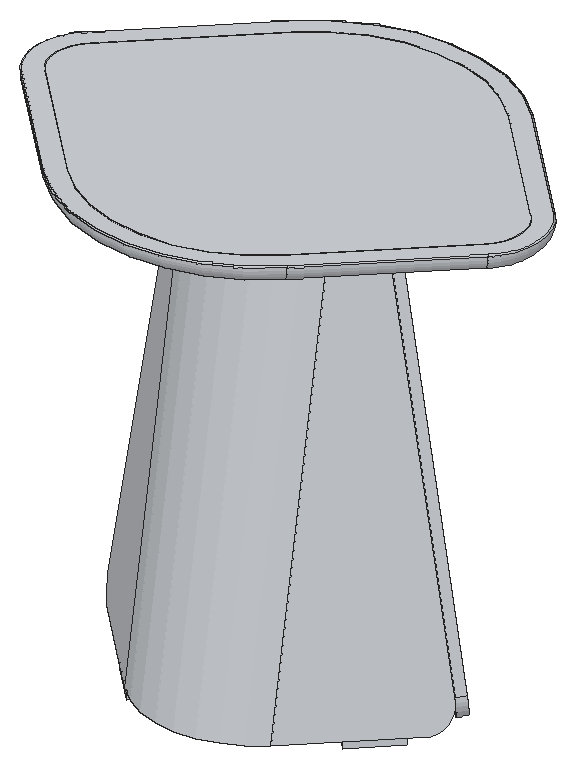
Revit family "Keilhauer-Fold-Table-Side+", category Furniture, Revit 2020
Family settings
  OmniClass Number = 23.40.20.00
  OmniClass Title = General Furniture and Specialties
  Work Plane-Based = No
  Always vertical = Yes
  Cut with Voids When Loaded = No
  Shared = No
  Room Calculation Point = No
Parameters (values of type "94511")
  Width = 20"  # constant formula
  URL = "https://keilhauer.com/"
  Type Comments = "Fold"  # constant formula
  Salvage or Reuse = yes
  Product Documentation Link = "https://keilhauer.com/product-family/fold/"
  Percentage of Recycled Content = 0
  Model = "94511"
  Manufacturer = "Keilhauer"  # constant formula
  Low Emitting Material = yes
  Low Emitting Finish = yes
  Revit File Built By = "https://servex-us.com/servex-revit/"
  Top Finish [instance] = none
  Keynote = "12500"
  Height = 18 3/4"  # constant formula
  Glides Finish [instance] = none
  Edge Finish [instance] = none
  Description = "Side table with ash base"
  Depth = 16 1/4"  # constant formula
  Default Elevation = 0"
  Copyright = "© 2023 Keilhauer"
  Base Finish [instance] = none
  Assembly Code = "E2020200"
Types (3): name | Model | Description
  (no name) | "94511" | "Side table with ash base"
  94511 | "94511" | "Side table with ash base"
  94512 | "94512" | "Side table with walnut base"
Reference planes (in)
  plane 1 "Center Front/Back": y = 0
  plane 2: z = 0
  plane 3 "Center Left/Right": x = 0
  plane 4: z = 18.75
  plane 5: z = 18.0001
  plane 6: z = 0.25
  plane 7: x = -10
  plane 8: x = 10
  plane 9: y = 8.125
  plane 10: y = -8.125
Forms (in)
  Blend 1, solid, material <- "Base Finish"
    base sketch origin (0, 0, 0) x (1, 0, 0) y (0, 1, 0)
      loop
        line (-2.89472, 4.47327) -> (-7.36799, 0) -> (7.36799, 0) -> (2.89472, 4.47327)
        arc (2.89472, 4.47327) -> (0, 5.6723) -> (-2.89472, 4.47327) r 4.09375
    top sketch origin (0, 0, 0) x (1, 0, 0) y (0, 1, 0)
      loop
        line (-2.89472, 1.39027) -> (-4.28499, 0) -> (4.28499, 0) -> (2.89472, 1.39027)
        arc (2.89472, 1.39027) -> (0, 2.5893) -> (-2.89472, 1.39027) r 4.09375
    from 0.25 to 18.0001
  Blend 2, void
    base sketch origin (0, 0, 0) x (1, 0, 0) y (0, 1, 0)
      loop
        line (-2.6185, 4.19706) -> (-6.81556, 0) -> (-2.6185, -4.19706)
        arc (-2.6185, -4.19706) -> (0, -5.28168) -> (2.6185, -4.19706) r 3.70313
        line (2.6185, -4.19706) -> (6.81556, 0) -> (2.6185, 4.19706)
        arc (2.6185, 4.19706) -> (0, 5.28168) -> (-2.6185, 4.19706) r 3.70313
    top sketch origin (0, 0, 0) x (1, 0, 0) y (0, 1, 0)
      loop
        arc (2.6185, 1.11406) -> (0, 2.19868) -> (-2.6185, 1.11406) r 3.70313
        line (-2.6185, 1.11406) -> (-3.73256, 0) -> (-2.6185, -1.11406)
        arc (-2.6185, -1.11406) -> (0, -2.19868) -> (2.6185, -1.11406) r 3.70313
        line (2.6185, -1.11406) -> (3.73256, 0) -> (2.6185, 1.11406)
    from 0.25 to 18.0001
  Extrusion 3, solid, material <- "Glides Finish"
    sketch origin (0, 0, 0) x (1, 0, 0) y (0, 1, 0)
      loop
        line (-4.48911, 2.86361) -> (-5.90241, 1.45031) -> (-5.63779, 1.18569) -> (-4.22449, 2.59899) -> (-4.48911, 2.86361)
      loop
        line (2.70294, 4.64978) -> (2.43832, 4.38516) -> (3.85162, 2.97186) -> (4.11624, 3.23648) -> (2.70294, 4.64978)
      loop
        line (-2.70298, -4.64974) -> (-2.43836, -4.38512) -> (-3.85166, -2.97182) -> (-4.11628, -3.23644) -> (-2.70298, -4.64974)
      loop
        line (4.48885, -2.86387) -> (5.90215, -1.45057) -> (5.63753, -1.18595) -> (4.22423, -2.59925) -> (4.48885, -2.86387)
    from 0 to 0.25
  Extrusion 4, void
    sketch origin (-5.13135, 2.23664, 0.25) x (0.707107, 0.707107, 0) y (-0.086197, 0.086197, -0.992542)
      loop
        line (-0.49464, -18.29869) -> (-2.60751, -1.09075)
        arc (-2.60751, -1.09075) -> (-2.35927, -0.30105) -> (-1.60099, 0.03102) r 1
        line (-1.60099, 0.03102) -> (-3.22731, 0.03102) -> (-0.9767, -18.29869) -> (-0.49464, -18.29869)
    from 0.07434 to -0.89285
  Extrusion 5, void
    sketch origin (-5.13135, -2.23664, 0.25) x (0.707107, -0.707107, 0) y (0.086197, 0.086197, 0.992542)
      loop
        line (-0.49464, 18.29869) -> (-0.9767, 18.29869) -> (-3.22731, -0.03102) -> (-1.60099, -0.03102)
        arc (-1.60099, -0.03102) -> (-2.35927, 0.30105) -> (-2.60751, 1.09075) r 1
        line (-2.60751, 1.09075) -> (-0.49464, 18.29869)
    from 0.07434 to -0.89285
  Extrusion 6, void
    sketch origin (5.13135, 2.23664, 0.25) x (-0.707107, 0.707107, 0) y (-0.086197, -0.086197, 0.992542)
      loop
        line (-0.49464, 18.29869) -> (-0.9767, 18.29869) -> (-3.22731, -0.03102) -> (-1.60099, -0.03102)
        arc (-1.60099, -0.03102) -> (-2.35927, 0.30105) -> (-2.60751, 1.09075) r 1
        line (-2.60751, 1.09075) -> (-0.49464, 18.29869)
    from 0.07434 to -0.89285
  Extrusion 7, void
    sketch origin (5.13135, -2.23664, 0.25) x (-0.707107, -0.707107, 0) y (0.086197, -0.086197, -0.992542)
      loop
        line (-0.49464, -18.29869) -> (-2.60751, -1.09075)
        arc (-2.60751, -1.09075) -> (-2.35927, -0.30105) -> (-1.60099, 0.03102) r 1
        line (-1.60099, 0.03102) -> (-3.22731, 0.03102) -> (-0.9767, -18.29869) -> (-0.49464, -18.29869)
    from 0.07434 to -0.89285
  Blend 8, solid, material <- "Base Finish"
    base sketch origin (0, 0, 0) x (1, 0, 0) y (0, 1, 0)
      loop
        arc (-2.89472, -4.47327) -> (0, -5.6723) -> (2.89472, -4.47327) r 4.09375
        line (2.89472, -4.47327) -> (7.36799, 0) -> (-7.36799, 0) -> (-2.89472, -4.47327)
    top sketch origin (0, 0, 0) x (1, 0, 0) y (0, 1, 0)
      loop
        arc (-2.89472, -1.39027) -> (0, -2.5893) -> (2.89472, -1.39027) r 4.09375
        line (2.89472, -1.39027) -> (4.28499, 0) -> (-4.28499, 0) -> (-2.89472, -1.39027)
    from 0.25 to 18.0001
Cuts and joins
  Blend 2, Extrusion 5, Extrusion 7 cuts Blend 8
  Blend 2, Extrusion 4, Extrusion 6 cuts Blend 1
Lines and regions (in)
  symbolic lines, style "FurnitureHiddenLines", detail levels fine
    curve 1: arc (6.44833, 0.91966, 0) -> (6.69221, 0.62841, 0) -> (6.88112, 0.29883, 0) r 2.15375
    curve 2: line (6.88112, 0.29883, 0) -> (6.60901, 0.02672, 0)
    curve 3: line (2.89472, 4.47327, 0) -> (6.44833, 0.91966, 0)
    curve 4: arc (-6.44833, 0.91966, 0) -> (-6.69221, 0.62841, 0) -> (-6.88112, 0.29883, 0) r 2.15375
    curve 5: line (-6.88112, 0.29883, 0) -> (-6.60901, 0.02672, 0)
    curve 6: line (-2.89472, 4.47327, 0) -> (-6.44833, 0.91966, 0)
    curve 7: arc (2.89472, 4.47327, 0) -> (0, 5.6723, 0) -> (-2.89472, 4.47327, 0) r 4.09375
    curve 8: arc (6.44833, -0.91966, 0) -> (6.69221, -0.62841, 0) -> (6.88112, -0.29883, 0) r 2.15375
    curve 9: line (6.88112, -0.29883, 0) -> (6.60901, -0.02672, 0)
    curve 10: line (2.89472, -4.47327, 0) -> (6.44833, -0.91966, 0)
    curve 11: arc (-6.44833, -0.91966, 0) -> (-6.69221, -0.62841, 0) -> (-6.88112, -0.29883, 0) r 2.15375
    curve 12: line (-6.88112, -0.29883, 0) -> (-6.60901, -0.02672, 0)
    curve 13: line (-2.89472, -4.47327, 0) -> (-6.44833, -0.91966, 0)
    curve 14: arc (2.89472, -4.47327, 0) -> (0, -5.6723, 0) -> (-2.89472, -4.47327, 0) r 4.09375
Dimensions and locks (in)
  locked: plane 6 to plane 2 at 0.25
  locked: plane 4 to plane 5 at 0.7499
  "Height": plane 4 to plane 2
  equal spacing: plane 7, plane 3 "Center Left/Right", plane 8
  "Width": plane 7 to plane 8
  equal spacing: plane 10, plane 1 "Center Front/Back", plane 9
  "Depth": plane 10 to plane 9
  aligned and locked: level to plane 2
  aligned and locked: plane 3 "Center Left/Right" to nested 1
  aligned and locked: plane 1 "Center Front/Back" to nested 1
  aligned and locked: plane 4 to nested 1
  aligned and locked: Blend 1 to plane 6
  aligned and locked: Blend 2 to plane 6
  aligned and locked: plane 5 to Blend 1
  aligned and locked: plane 5 to Blend 2
  aligned and locked: plane 6 to Extrusion 3
  aligned and locked: Extrusion 3 to plane 2
Automatic sketch dimensions
  plane 1 "Center Front/Back" to Blend 1 sketch curve = 0"  (x2)
  Blend 1 sketch curve to plane 3 "Center Left/Right" = 0"  (x2)
  Blend 1 sketch curve to plane 3 "Center Left/Right" = 2.89472"  (x2)
  Blend 1 sketch curve to plane 7 = 2.63201"
  plane 3 "Center Left/Right" to Blend 1 sketch curve = 2.89472"
  Blend 1 sketch curve to plane 8 = 2.63201"
  Blend 1 sketch curve to plane 1 "Center Front/Back" = 1.57855"
  plane 9 to Blend 1 sketch curve = 3.65173"
  Blend 1 sketch curve to plane 1 "Center Front/Back" = 1.39027"  (x2)
  Blend 1 sketch curve to Blend 1 sketch curve = 1.39027"  (x2)
  plane 1 "Center Front/Back" to Blend 1 sketch curve = 1.50445"
  plane 1 "Center Front/Back" to Blend 2 sketch curve = 0"  (x4)
  Blend 2 sketch curve to plane 3 "Center Left/Right" = 0"  (x4)
  Blend 2 sketch curve to plane 3 "Center Left/Right" = 2.6185"  (x3)
  Blend 2 sketch curve to plane 7 = 3.18444"
  plane 3 "Center Left/Right" to Blend 2 sketch curve = 2.6185"  (x2)
  plane 1 "Center Front/Back" to Blend 2 sketch curve = 1.57855"
  Blend 2 sketch curve to Blend 2 sketch curve = 2.6185"
  Blend 2 sketch curve to plane 1 "Center Front/Back" = 1.57855"
  plane 1 "Center Front/Back" to Blend 2 sketch curve = 1.11406"  (x2)
  Blend 2 sketch curve to plane 1 "Center Front/Back" = 1.11406"  (x2)
  Blend 2 sketch curve to Blend 2 sketch curve = 0"
  Blend 2 sketch curve to Blend 2 sketch curve = 1.11406"  (x2)
  plane 1 "Center Front/Back" to Blend 2 sketch curve = 1.50445"
  Blend 2 sketch curve to plane 1 "Center Front/Back" = 1.50445"
  Extrusion 3 sketch curve to plane 7 = 4.09759"
  Extrusion 3 sketch curve to plane 1 "Center Front/Back" = 1.18569"
  Extrusion 3 sketch curve to Extrusion 3 sketch curve = 0.26462"  (x7)
  Extrusion 3 sketch curve to Extrusion 3 sketch curve = 1.4133"  (x4)
  Extrusion 3 sketch curve to plane 3 "Center Left/Right" = 4.11628"
  plane 1 "Center Front/Back" to Extrusion 3 sketch curve = 2.97182"
  plane 3 "Center Left/Right" to Extrusion 3 sketch curve = 2.43832"
  plane 3 "Center Left/Right" to Extrusion 3 sketch curve = 4.22423"
  plane 1 "Center Front/Back" to Extrusion 3 sketch curve = 2.86387"
  plane 1 "Center Front/Back" to Extrusion 3 sketch curve = 1.18595"
  Extrusion 3 sketch curve to plane 1 "Center Front/Back" = 2.97186"
  Extrusion 4 sketch curve to Extrusion 4 sketch curve = 0.6198"
  Extrusion 4 sketch curve to Extrusion 4 sketch curve = 0.99255"
  Extrusion 4 sketch curve to Extrusion 4 sketch curve = 0.01397"
  Extrusion 4 sketch curve to Extrusion 4 sketch curve = 1.6308"
  Extrusion 4 sketch curve to Extrusion 4 sketch curve = 0.48207"
  Extrusion 4 sketch curve to Extrusion 4 sketch curve = 17.20794"
  Extrusion 4 sketch curve to Extrusion 4 sketch curve = 0.12187"
  Extrusion 5 sketch curve to Extrusion 5 sketch curve = 0.6198"
  Extrusion 5 sketch curve to Extrusion 5 sketch curve = 0.99255"
  Extrusion 5 sketch curve to Extrusion 5 sketch curve = 0.01397"
  Extrusion 5 sketch curve to Extrusion 5 sketch curve = 1.6308"
  Extrusion 5 sketch curve to Extrusion 5 sketch curve = 0.48207"
  Extrusion 5 sketch curve to Extrusion 5 sketch curve = 0.9999"
  Extrusion 5 sketch curve to Extrusion 5 sketch curve = 17.20794"
  Extrusion 6 sketch curve to Extrusion 6 sketch curve = 0.6198"
  Extrusion 6 sketch curve to Extrusion 6 sketch curve = 0.99255"
  Extrusion 6 sketch curve to Extrusion 6 sketch curve = 0.01397"
  Extrusion 6 sketch curve to Extrusion 6 sketch curve = 1.6308"
  Extrusion 6 sketch curve to Extrusion 6 sketch curve = 0.48207"
  Extrusion 6 sketch curve to Extrusion 6 sketch curve = 0.9999"
  Extrusion 6 sketch curve to Extrusion 6 sketch curve = 17.20794"
  Extrusion 7 sketch curve to Extrusion 7 sketch curve = 0.6198"
  Extrusion 7 sketch curve to Extrusion 7 sketch curve = 0.99255"
  Extrusion 7 sketch curve to Extrusion 7 sketch curve = 0.01397"
  Extrusion 7 sketch curve to Extrusion 7 sketch curve = 1.6308"
  Extrusion 7 sketch curve to Extrusion 7 sketch curve = 0.48207"
  Extrusion 7 sketch curve to Extrusion 7 sketch curve = 17.20794"
  Extrusion 7 sketch curve to Extrusion 7 sketch curve = 0.12187"
  plane 1 "Center Front/Back" to Blend 8 sketch curve = 0"  (x2)
  Blend 8 sketch curve to plane 3 "Center Left/Right" = 0"  (x2)
  plane 3 "Center Left/Right" to Blend 8 sketch curve = 2.89472"  (x2)
  plane 7 to Blend 8 sketch curve = 2.63201"
  Blend 8 sketch curve to plane 3 "Center Left/Right" = 2.89472"
  plane 8 to Blend 8 sketch curve = 2.63201"
  Blend 8 sketch curve to plane 1 "Center Front/Back" = 1.57855"
  plane 10 to Blend 8 sketch curve = 3.65173"
  Blend 8 sketch curve to plane 1 "Center Front/Back" = 1.39027"  (x2)
  Blend 8 sketch curve to Blend 8 sketch curve = 1.39027"  (x2)
  plane 1 "Center Front/Back" to Blend 8 sketch curve = 1.50445"
  curve 7 to plane 3 "Center Left/Right" = 0"
  curve 14 to plane 3 "Center Left/Right" = 0"
  curve 6 to plane 3 "Center Left/Right" = 2.89472"
  curve 13 to plane 3 "Center Left/Right" = 2.89472"
  curve 11 to plane 1 "Center Front/Back" = 0.60327"
  curve 11 to curve 6 = 2.03068"
  plane 1 "Center Front/Back" to curve 4 = 0.60327"
  curve 4 to curve 11 = 0"
  curve 6 to plane 1 "Center Front/Back" = 0.91966"
  curve 6 to curve 11 = 1.52293"
  plane 1 "Center Front/Back" to curve 13 = 0.91966"
  curve 13 to curve 4 = 1.52293"
  plane 1 "Center Front/Back" to curve 12 = 0.29883"
  curve 5 to plane 1 "Center Front/Back" = 0.29883"
  plane 3 "Center Left/Right" to curve 3 = 2.89472"
  plane 3 "Center Left/Right" to curve 10 = 2.89472"
  curve 8 to plane 1 "Center Front/Back" = 0.60327"
  curve 3 to curve 8 = 2.03068"
  plane 1 "Center Front/Back" to curve 1 = 0.60327"
  curve 1 to curve 8 = 0"
  curve 3 to plane 1 "Center Front/Back" = 0.91966"
  curve 8 to curve 3 = 1.52293"
  plane 1 "Center Front/Back" to curve 10 = 0.91966"
  curve 1 to curve 10 = 1.52293"
  curve 2 to plane 1 "Center Front/Back" = 0.29883"
  plane 1 "Center Front/Back" to curve 9 = 0.29883"
  plane 1 "Center Front/Back" to curve 14 = 1.57855"
  curve 10 to plane 10 = 3.65173"
  curve 7 to plane 1 "Center Front/Back" = 1.57855"
  plane 9 to curve 6 = 3.65173"
  curve 5 to plane 1 "Center Front/Back" = 0.02672"
  curve 5 to curve 5 = 0.27211"
  plane 1 "Center Front/Back" to curve 12 = 0.02672"
  curve 12 to curve 5 = 0"
  curve 2 to plane 1 "Center Front/Back" = 0.02672"
  curve 2 to curve 1 = 0.27211"
  plane 1 "Center Front/Back" to curve 9 = 0.02672"
  curve 9 to curve 2 = 0"
Nested families (in)
  nested 1: "F-Top-20" at (0, 0, 18.75), type "F-Top-20"
Definition of nested family "F-Top-20"
  Parameters (values of type "F-Top-20")
    Top Finish = none
    Revit Model Built By = "https://servex-us.com/servex-revit/"
    Edge Finish = none
    Default Elevation = 0"
  Reference planes (in)
    plane 1 "Center (Front/Back)": y = 0
    plane 2: z = 0
    plane 3 "Center (Left/Right)": x = 0
  Forms (in)
    Sweep 1, solid, material <- "Edge Finish"
      path origin (0, 0, 0) x (1, 0, 0) y (0, 1, 0)
        loop
          line (-4.86136, 6.1193) -> (-9.30128, 1.67938)
          arc (-9.30128, 1.67938) -> (-9.9969, 0) -> (-9.30128, -1.67938) r 2.375
          line (-9.30128, -1.67938) -> (-4.86136, -6.1193)
          arc (-4.86136, -6.1193) -> (0, -8.13294) -> (4.86136, -6.1193) r 6.875
          line (4.86136, -6.1193) -> (9.30128, -1.67938)
          arc (9.30128, -1.67938) -> (9.9969, 0) -> (9.30128, 1.67938) r 2.375
          line (9.30128, 1.67938) -> (4.86136, 6.1193)
          arc (4.86136, 6.1193) -> (0, 8.13294) -> (-4.86136, 6.1193) r 6.875
      profile origin (0, 8.13294, 0) x (0, -1, 0) y (0, 0, 1)
        loop
          line (0.7499, 0) -> (0.04688, 0)
          arc (0.04688, 0) -> (0.01373, -0.01373) -> (0, -0.04687) r 0.04688
          arc (0, -0.04687) -> (0.20854, -0.54662) -> (0.71044, -0.7499) r 0.70307
          line (0.71044, -0.7499) -> (0.7499, -0.7499) -> (0.7499, 0)
    Extrusion 2, solid, material <- "Top Finish"
      sketch origin (0, 0, 0) x (1, 0, 0) y (0, 1, 0)
        loop
          arc (-8.77101, 1.14912) -> (-9.24699, 0) -> (-8.77101, -1.14912) r 1.6251
          line (-8.77101, -1.14912) -> (-4.3311, -5.58903)
          arc (-4.3311, -5.58903) -> (0, -7.38303) -> (4.3311, -5.58903) r 6.1251
          line (4.3311, -5.58903) -> (8.77101, -1.14912)
          arc (8.77101, -1.14912) -> (9.24699, 0) -> (8.77101, 1.14912) r 1.6251
          line (8.77101, 1.14912) -> (4.3311, 5.58903)
          arc (4.3311, 5.58903) -> (0, 7.38303) -> (-4.3311, 5.58903) r 6.1251
          line (-4.3311, 5.58903) -> (-8.77101, 1.14912)
      from -0.7499 to 0
  Lines and regions (in)
    symbolic lines, detail levels fine
      curve 1: arc (-4.3311, 5.58903, 0) -> (0, 7.38303, 0) -> (4.3311, 5.58903, 0) r 6.1251
      curve 2: line (4.3311, 5.58903, 0) -> (8.77101, 1.14912, 0)
      curve 3: arc (8.77101, 1.14912, 0) -> (9.24699, 0, 0) -> (8.77101, -1.14912, 0) r 1.6251
      curve 4: line (8.77101, -1.14912, 0) -> (4.3311, -5.58903, 0)
      curve 5: arc (4.3311, -5.58903, 0) -> (0, -7.38303, 0) -> (-4.3311, -5.58903, 0) r 6.1251
      curve 6: line (-4.3311, -5.58903, 0) -> (-8.77101, -1.14912, 0)
      curve 7: arc (-8.77101, -1.14912, 0) -> (-9.24699, 0, 0) -> (-8.77101, 1.14912, 0) r 1.6251
      curve 8: line (-8.77101, 1.14912, 0) -> (-4.3311, 5.58903, 0)
    symbolic lines
      curve 9: arc (-4.86143, 6.11936, 0) -> (0, 8.13303, 0) -> (4.86143, 6.11936, 0) r 6.8751
      curve 10: line (4.86143, 6.11936, 0) -> (9.30134, 1.67945, 0)
      curve 11: arc (9.30134, 1.67945, 0) -> (9.99699, 0, 0) -> (9.30134, -1.67945, 0) r 2.3751
      curve 12: line (9.30134, -1.67945, 0) -> (4.86143, -6.11936, 0)
      curve 13: arc (4.86143, -6.11936, 0) -> (0, -8.13303, 0) -> (-4.86143, -6.11936, 0) r 6.8751
      curve 14: line (-4.86143, -6.11936, 0) -> (-9.30134, -1.67945, 0)
      curve 15: arc (-9.30134, -1.67945, 0) -> (-9.99699, 0, 0) -> (-9.30134, 1.67945, 0) r 2.3751
      curve 16: line (-9.30134, 1.67945, 0) -> (-4.86143, 6.11936, 0)
  Dimensions and locks (in)
    aligned and locked: plane 2 to level
    aligned and locked: Sweep 1 to Extrusion 2
    aligned and locked: plane 2 to Extrusion 2
    aligned and locked: Extrusion 2 sketch curve to curve 8
    aligned and locked: Extrusion 2 sketch curve to curve 1
    aligned and locked: Extrusion 2 sketch curve to curve 2
    aligned and locked: Extrusion 2 sketch curve to curve 3
    aligned and locked: Extrusion 2 sketch curve to curve 4
    aligned and locked: Extrusion 2 sketch curve to curve 5
    aligned and locked: Extrusion 2 sketch curve to curve 6
    aligned and locked: Extrusion 2 sketch curve to curve 7
